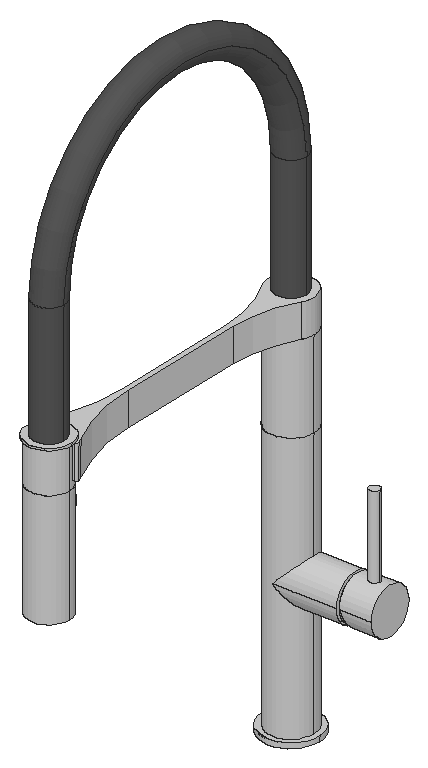
Revit family "VOGUE PULL-DOWN SINK MIXER", category Specialty Equipment, host Face, Revit 2019
Family settings
  Host = Face
  Round Connector Dimension = Use Radius
  Part Type = Normal
  OmniClass Number = 23.45.55.14
  OmniClass Title = Single Faucets
  Cut with Voids When Loaded = No
  Shared = No
  Room Calculation Point = No
Parameters (values of type "VOGUE PULL-DOWN SINK MIXER CHROME PIN")
  URL = "https://www.caroma.com.au/"
  Pin_Handle = yes
  Model = "96381C5A"
  Material_Hose = GWA-Plastic-Black
  Material_Base = GWA_Metal-Chrome
  Manufacturer = "GWA Bathrooms & Kitchens"  # constant formula
  Keynote = ""
  Description = "VOGUE PULL-DOWN SINK MIXER CHROME"
  Default Elevation = 1000 mm
  CreatedBy_ANZRS = "GWA Bathrooms & Kitchens"  # constant formula
  Blade_Handle = no
  Assembly Code = "C1030220"
Types (11, lengths in mm): name | Pin_Handle | Model | Material_Base | Description | Blade_Handle
  (no name) | yes | "96381C5A" | GWA_Metal-Chrome | "VOGUE PULL-DOWN SINK MIXER CHROME" | no
  VOGUE PULL-DOWN SINK MIXER CHROME PIN | yes | "96381C5A" | GWA_Metal-Chrome | "VOGUE PULL-DOWN SINK MIXER CHROME" | no
  VOGUE PULL-DOWN SINK MIXER MATTE BLACK PIN | yes | "96381B5A" | GWA-Metal-Black | "VOGUE PULL-DOWN SINK MIXER MATTE BLACK" | no
  VOGUE PULL-DOWN SINK MIXER GUNMETAL PIN | yes | "96381GM5A" | GWA-Metal-Gunmetal Grey | "VOGUE PULL-DOWN SINK MIXER GUNMETAL" | no
  VOGUE PULL-DOWN SINK MIXER BRUSHED NICKEL PIN | yes | "96381BN5A" | GWA_Metal-Brushed-Nickel | "VOGUE PULL-DOWN SINK MIXER BRUSHED NICKEL" | no
  VOGUE PULL-DOWN SINK MIXER BRUSHED BRASS PIN | yes | "96381BB5A" | GWA_Metal-Brushed-Brass | "VOGUE PULL-DOWN SINK MIXER BRUSHED BRASS" | no
  VOGUE PULL-DOWN SINK MIXER BRUSHED BRASS BLADE | no | "96381BB5A" | GWA_Metal-Brushed-Brass | "VOGUE PULL-DOWN SINK MIXER BRUSHED BRASS" | yes
  VOGUE PULL-DOWN SINK MIXER BRUSHED NICKEL BLADE | no | "96381BN5A" | GWA_Metal-Brushed-Nickel | "VOGUE PULL-DOWN SINK MIXER BRUSHED NICKEL" | yes
  VOGUE PULL-DOWN SINK MIXER CHROME BLADE | no | "96381C5A" | GWA_Metal-Chrome | "VOGUE PULL-DOWN SINK MIXER CHROME" | yes
  VOGUE PULL-DOWN SINK MIXER GUNMETAL BLADE | no | "96381GM5A" | GWA-Metal-Gunmetal Grey | "VOGUE PULL-DOWN SINK MIXER GUNMETAL" | yes
  VOGUE PULL-DOWN SINK MIXER MATTE BLACK BLADE | no | "96381B5A" | GWA-Metal-Black | "VOGUE PULL-DOWN SINK MIXER MATTE BLACK" | yes
Reference planes
  plane 1 "Center (Front/Back)": y = 0
  plane 2: z = 0
  plane 3 "Center (Left/Right)": x = 0
  plane 4 "Button": through (0, -223.303, 286.402) normal (0, 0.9962, -0.0872)
Forms (mm)
  Extrusion 1, solid, material "GWA_Metal-Chrome" <- "Material_Base"
    sketch origin (0, 0, 0) x (1, 0, 0) y (0, 1, 0)
      loop
        circle (0, 0) r 22.5
    from 0 to 4
  Extrusion 2, solid, material "GWA_Metal-Chrome" <- "Material_Base"
    sketch origin (0, 0, 0) x (0, 1, 0) y (0, 0, 1)
      loop
        circle (0, 110) r 18
    from 0 to 50
  Revolve 3, solid, material "GWA_Metal-Chrome" <- "Material_Base"
    sketch origin (0, 0, 110) x (1, 0, 0) y (0, 1, 0)
      loop
        line (50, 0) -> (57.7, 0) -> (57.7, 13.5)
        arc (57.7, 13.5) -> (53.951, 15.26) -> (50, 16.5) r 30.7
        line (50, 16.5) -> (50, 0)
      axis (57.7, 0) -> (50, 0)
    angle from 0 to 360
  Extrusion 4, solid, material "GWA_Metal-Chrome" <- "Material_Base"
    sketch origin (0, 0, 0) x (0, 1, 0) y (0, 0, 1)
      loop
        circle (0, 110) r 18
    from 52 to 77
  Extrusion 5, void
    sketch origin (0, 0, 0) x (1, 0, 0) y (0, 0, 1)
      loop
        line (50, 110) -> (50, 87) -> (58.6, 87) -> (58.6, 92) -> (52, 110) -> (50, 110)
    from -25 to 25
  Extrusion 6, solid, material "GWA_Metal-Chrome" <- "Material_Base"
    sketch origin (0, 0, 0) x (1, 0, 0) y (0, 1, 0)
      loop
        circle (0, 0) r 18
    from 4 to 213.3
  Extrusion 7, solid, material "GWA_Metal-Chrome" <- "Material_Base"
    sketch origin (0, 0, 0) x (1, 0, 0) y (0, 1, 0)
      loop
        circle (0, 0) r 18
    from 213.3 to 307.5
  Extrusion 8, solid, material "GWA_Metal-Chrome" <- "Material_Base"
    sketch origin (0, 0, 0) x (1, 0, 0) y (0, 1, 0)
      loop
        arc (-15.757, -232.222) -> (0, -219) -> (15.757, -232.222) r 16
        line (15.757, -232.222) -> (17.836, -231.855)
        arc (17.836, -231.855) -> (19.047, -231.041) -> (19.256, -229.596) r 1.8
        arc (19.256, -229.596) -> (18.618, -227.693) -> (17.791, -225.864) r 20
        arc (17.791, -225.864) -> (6.004, -194.144) -> (2, -160.542) r 143
        line (2, -160.542) -> (2, -59.33)
        arc (2, -59.33) -> (5.449, -33.292) -> (15.559, -9.05) r 100
        arc (15.559, -9.05) -> (0, 18) -> (-15.559, -9.05) r 18
        arc (-15.559, -9.05) -> (-5.449, -33.292) -> (-2, -59.33) r 100
        line (-2, -59.33) -> (-2, -160.542)
        arc (-2, -160.542) -> (-6.004, -194.144) -> (-17.791, -225.864) r 143
        arc (-17.791, -225.864) -> (-18.618, -227.693) -> (-19.256, -229.596) r 20
        arc (-19.256, -229.596) -> (-19.047, -231.041) -> (-17.836, -231.855) r 1.8
        line (-17.836, -231.855) -> (-15.757, -232.222)
    from 281.5 to 307.5
  Extrusion 9, solid, material "GWA_Metal-Chrome" <- "Material_Base"
    sketch origin (0, 0, 0) x (1, 0, 0) y (0, 1, 0)
      loop
        circle (0, -235) r 17.5
    from 307.5 to 309
  Extrusion 10, solid, material "GWA_Metal-Chrome" <- "Material_Base"
    sketch origin (0, 0, 0) x (1, 0, 0) y (0, 1, 0)
      loop
        circle (0, -235) r 16
    from 185.5 to 275.5
  Extrusion 11, solid, material "GWA_Metal-Chrome" <- "Material_Base"
    sketch origin (103.773, -248.183, 151.688) x (0, 0.087156, 0.996195) y (1, 0, 0)
      loop
        line (67.73, -109.673) -> (108.93, -109.673)
        arc (108.93, -109.673) -> (114.83, -103.773) -> (108.93, -97.873) r 5.9
        line (108.93, -97.873) -> (67.73, -97.873)
        arc (67.73, -97.873) -> (61.83, -103.773) -> (67.73, -109.673) r 5.9
    from 13.045 to 22
  Extrusion 12, void
    sketch origin (20, 0, 0) x (1, 0, 0) y (0, 0, 1)
      loop
        arc (-26.4, 217.4) -> (-20, 211) -> (-13.6, 217.4) r 6.4
        line (-13.6, 217.4) -> (-13.6, 258.6)
        arc (-13.6, 258.6) -> (-20, 265) -> (-26.4, 258.6) r 6.4
        line (-26.4, 258.6) -> (-26.4, 217.4)
    from 209.649 to 235
  Extrusion 13, solid, material "GWA_Metal-Chrome" <- "Material_Base"
    sketch origin (0, -248.241, 1.36) x (0, 0.087156, 0.996195) y (1, 0, 0)
      loop
        arc (258.6, -3.9) -> (262.5, 0) -> (258.6, 3.9) r 3.9
        line (258.6, 3.9) -> (217.581, 3.9)
        arc (217.581, 3.9) -> (213.681, 0) -> (217.581, -3.9) r 3.9
        line (217.581, -3.9) -> (258.6, -3.9)
    from 9 to 11
  Sweep 14, solid, material "GWA_Metal-Chrome" <- "Material_Base"
    path origin (0, -246.473, 21.564) x (0, 0.087156, 0.996195) y (1, 0, 0)
      loop
        line (238.41, 5.9) -> (197.21, 5.9)
        arc (197.21, 5.9) -> (191.31, 0) -> (197.21, -5.9) r 5.9
        line (197.21, -5.9) -> (238.41, -5.9)
        arc (238.41, -5.9) -> (244.31, 0) -> (238.41, 5.9) r 5.9
    profile origin (5.9, -227.49, 238.544) x (-1, 0, 0) y (0, 0.996195, -0.087156)
      loop
        arc (2, 11) -> (0.586, 10.414) -> (0, 9) r 2
        line (0, 9) -> (2, 9) -> (2, 11)
  Sweep 15, solid, material "GWA-Plastic-Black" <- "Material_Hose"
    path origin (0, 0, 0) x (0, 1, 0) y (0, 0, 1)
      loop
        line (0, 307.5) -> (0, 403.5)
        arc (0, 403.5) -> (-117.5, 521) -> (-235, 403.5) r 117.5
        line (-235, 403.5) -> (-235, 309)
    profile origin (0, 0, 355.5) x (0, -1, 0) y (1, 0, 0)
      loop
        circle (0, 0) r 11.985
  Extrusion 16, void
    sketch origin (0, 0, 0) x (1, 0, 0) y (0, 1, 0)
      loop
        circle (0, -203) r 4.75
    from 270 to 282
  Extrusion 17, solid, material "GWA_Metal-Chrome" <- "Material_Base"
    sketch origin (0, 0, 0) x (1, 0, 0) y (0, 1, 0)
      loop
        circle (0, -235) r 16
    from 275.5 to 307.5
  Extrusion 18, solid, material "GWA_Metal-Chrome" <- "Material_Base", visible <- "Blade_Handle"
    sketch origin (0, 0, 0) x (1, 0, 0) y (0, 0, 1)
      loop
        line (77, 109.998) -> (77, 204)
        arc (77, 204) -> (76.414, 205.414) -> (75, 206) r 2
        line (75, 206) -> (55.001, 206)
        arc (55.001, 206) -> (53.587, 205.414) -> (53.001, 204) r 2
        line (53.001, 204) -> (53.001, 109.998) -> (77, 109.998)
    from -2 to 2
  Extrusion 19, void
    sketch origin (0, 0.048, 0) x (1, 0, 0) y (0, 1, 0)
      loop
        circle (65.5, -0.031) r 3.8
    from 90 to 93
  Revolve 20, solid, material "GWA_Metal-Chrome" <- "Material_Base"
    sketch origin (0, 0, 0) x (1, 0, 0) y (0, 0, 1)
      loop
        line (65.5, 93) -> (65.5, 91.3)
        arc (65.5, 91.3) -> (67.42, 91.413) -> (69.283, 91.892) r 10
        line (69.283, 91.892) -> (69.283, 93) -> (65.5, 93)
      axis (65.5, 91.3) -> (65.5, 93)
    angle from 0 to 360
  Extrusion 21, solid, material "GWA_Metal-Chrome" <- "Material_Base", visible <- "Pin_Handle"
    sketch origin (-12, 0, 0) x (1, 0, 0) y (0, 1, 0)
      loop
        circle (77, -0.031) r 4
    from 110 to 191
Cuts and joins
  Extrusion 5 cuts Extrusion 2
  joined: Extrusion 2, Extrusion 6
  Extrusion 5, Extrusion 19 cuts Extrusion 4
  Extrusion 12 cuts Extrusion 10
  Extrusion 16 cuts Extrusion 8
  joined: Extrusion 7, Extrusion 8
Lines and regions (mm)
  Masking region 1
    outline origin (0, 0, 0) x (1, 0, 0) y (0, 1, 0)
      loop
        arc (11.985, -19.042) -> (12.753, -18.537) -> (13.5, -18) r 22.5
        line (13.5, -18) -> (50, -18) -> (50, -16.5)
        arc (50, -16.5) -> (51.005, -16.249) -> (52.001, -15.961) r 28.7
        line (52.001, -15.961) -> (52.001, -18) -> (77, -18) -> (77, 17.937) -> (52.001, 17.937) -> (52.001, 15.961)
        arc (52.001, 15.961) -> (51.005, 16.249) -> (50, 16.5) r 28.7
        line (50, 16.5) -> (50, 18) -> (13.5, 18)
        arc (13.5, 18) -> (-18.537, 12.753) -> (-11.985, -19.042) r 22.5
        line (-11.985, -19.042) -> (-11.985, -213.04)
        arc (-11.985, -213.04) -> (-14.73, -219.523) -> (-17.791, -225.864) r 143
        arc (-17.791, -225.864) -> (-18.618, -227.693) -> (-19.256, -229.596) r 20
        arc (-19.256, -229.596) -> (-19.047, -231.041) -> (-17.836, -231.855) r 1.8
        line (-17.836, -231.855) -> (-15.412, -232.282)
        arc (-15.412, -232.282) -> (0, -250.65) -> (15.412, -232.282) r 15.65
        line (15.412, -232.282) -> (17.836, -231.855)
        arc (17.836, -231.855) -> (19.047, -231.041) -> (19.256, -229.596) r 1.8
        arc (19.256, -229.596) -> (18.618, -227.693) -> (17.791, -225.864) r 20
        arc (17.791, -225.864) -> (14.73, -219.523) -> (11.985, -213.04) r 143
        line (11.985, -213.04) -> (11.985, -19.042)
  Masking region 2
    outline origin (0, 0, 0) x (1, 0, 0) y (0, 1, 0)
      loop
        arc (-11.985, -235) -> (0, -246.985) -> (11.985, -235) r 11.985
        line (11.985, -235) -> (11.985, -222.248)
        arc (11.985, -222.248) -> (0, -252.5) -> (-11.985, -222.248) r 17.5
        line (-11.985, -222.248) -> (-11.985, -235)
  Masking region 3
    outline origin (0, 0, 0) x (1, 0, 0) y (0, 0, 1)
      loop
        line (11.985, 309) -> (11.985, 521)
        arc (11.985, 521) -> (0, 532.985) -> (-11.985, 521) r 11.985
        line (-11.985, 521) -> (-11.985, 309) -> (-17.5, 309) -> (-17.5, 307.5) -> (-19.323, 307.5) -> (-19.323, 281.5) -> (-18, 281.5) -> (-18, 4) -> (-22.5, 4) -> (-22.5, 0) -> (22.5, 0) -> (22.5, 4) -> (18, 4) -> (18, 86)
        arc (18, 86) -> (19.757, 90.243) -> (24, 92) r 6
        line (24, 92) -> (50, 92) -> (50, 93.5)
        arc (50, 93.5) -> (53.626, 94.594) -> (57.076, 96.156) r 28.7
        line (57.076, 96.156) -> (52.001, 109.998) -> (52.001, 125.961)
        arc (52.001, 125.961) -> (51.005, 126.249) -> (50, 126.5) r 28.7
        line (50, 126.5) -> (50, 128) -> (24, 128)
        arc (24, 128) -> (19.757, 129.757) -> (18, 134) r 6
        line (18, 134) -> (18, 281.5) -> (19.323, 281.5) -> (19.323, 307.5) -> (17.5, 307.5) -> (17.5, 309) -> (11.985, 309)
  Masking region 4, visible <- "Pin_Handle"
    outline origin (0, 0, 0) x (1, 0, 0) y (0, 0, 1)
      loop
        line (61.1, 128) -> (52.001, 128) -> (52.001, 109.998) -> (58.6, 92) -> (77, 92) -> (77, 128) -> (69, 128) -> (69, 191) -> (61.1, 191) -> (61.1, 128)
  Masking region 5
    outline origin (0, 0, 0) x (0, 1, 0) y (0, 0, 1)
      loop
        line (12, 307.5) -> (12, 403.5)
        arc (12, 403.5) -> (-117.5, 533) -> (-247, 403.5) r 129.5
        line (-247, 403.5) -> (-247, 309) -> (-252.5, 309) -> (-252.5, 307.5) -> (-251, 307.5) -> (-251, 185.5) -> (-219, 185.5) -> (-219, 212.237)
        arc (-219, 212.237) -> (-218.774, 212.687) -> (-218.667, 213.179) r 2
        line (-218.667, 213.179) -> (-214.396, 261.993)
        arc (-214.396, 261.993) -> (-214.856, 263.452) -> (-216.214, 264.159) r 2
        line (-216.214, 264.159) -> (-219, 264.403) -> (-219, 281.5) -> (-18, 281.5) -> (-18, 4) -> (-22.5, 4) -> (-22.5, 0) -> (22.5, 0) -> (22.5, 4) -> (18, 4) -> (18, 307.5) -> (12, 307.5)
      loop
        line (-12, 307.5) -> (-12, 403.5)
        arc (-12, 403.5) -> (-117.5, 509) -> (-223, 403.5) r 105.5
        line (-223, 403.5) -> (-223, 309) -> (-217.5, 309) -> (-217.5, 307.5) -> (-12, 307.5)
  Masking region 6, visible <- "Blade_Handle"
    outline origin (0, 0, 0) x (1, 0, 0) y (0, 0, 1)
      loop
        line (77, 128) -> (77, 204)
        arc (77, 204) -> (76.414, 205.414) -> (75, 206) r 2
        line (75, 206) -> (55.001, 206)
        arc (55.001, 206) -> (53.587, 205.414) -> (53.001, 204) r 2
        line (53.001, 204) -> (53.001, 128) -> (77, 128)
  symbolic lines
    curve 1: line (52.001, 17.937, 0) -> (77, 17.937, 0)
    curve 2: line (52.001, -18, 0) -> (52.001, 17.937, 0)
    curve 3: line (77, -18, 0) -> (52.001, -18, 0)
    curve 4: line (77, 17.937, 0) -> (77, -18, 0)
    curve 5: line (50, 18, 0) -> (0, 18, 0)
    curve 6: line (50, -18, 0) -> (50, 18, 0)
    curve 7: line (11.985, -18, 0) -> (50, -18, 0)
    curve 8: arc (11.985, -15.772, 0) -> (13.708, -12.377, 0) -> (15.559, -9.05, 0) r 100
    curve 9: arc (-15.559, -9.05, 0) -> (-13.708, -12.377, 0) -> (-11.985, -15.772, 0) r 100
    curve 10: arc (15.559, -9.05, 0) -> (0, 18, 0) -> (-15.559, -9.05, 0) r 18
    curve 11: arc (13.5, 18, 0) -> (-18.537, 12.753, 0) -> (-11.985, -19.042, 0) r 22.5
    curve 12: arc (11.985, -19.042, 0) -> (12.753, -18.537, 0) -> (13.5, -18, 0) r 22.5
    curve 13: line (11.985, 0, 0) -> (11.985, -235, 0)
    curve 14: line (-11.985, -235, 0) -> (-11.985, 0, 0)
    curve 15: arc (-11.985, 0, 0) -> (0, 11.985, 0) -> (11.985, 0, 0) r 11.985
    curve 16: arc (-11.985, -213.04, 0) -> (-14.73, -219.523, 0) -> (-17.791, -225.864, 0) r 143
    curve 17: arc (-17.791, -225.864, 0) -> (-18.618, -227.693, 0) -> (-19.256, -229.596, 0) r 20
    curve 18: arc (-19.256, -229.596, 0) -> (-19.047, -231.041, 0) -> (-17.836, -231.855, 0) r 1.8
    curve 19: arc (-11.985, -222.248, 0) -> (0, -252.5, 0) -> (11.985, -222.248, 0) r 17.5
    curve 20: arc (-11.985, -235, 0) -> (0, -246.985, 0) -> (11.985, -235, 0) r 11.985
    curve 21: arc (17.791, -225.864, 0) -> (14.73, -219.523, 0) -> (11.985, -213.04, 0) r 143
    curve 22: arc (19.256, -229.596, 0) -> (18.618, -227.693, 0) -> (17.791, -225.864, 0) r 20
    curve 23: arc (17.836, -231.855, 0) -> (19.047, -231.041, 0) -> (19.256, -229.596, 0) r 1.8
    curve 24: line (17.234, -231.961, 0) -> (17.836, -231.855, 0)
    curve 25: line (-17.836, -231.855, 0) -> (-17.234, -231.961, 0)
    curve 26: arc (50, 16.5, 0) -> (51.005, 16.249, 0) -> (52.001, 15.961, 0) r 28.7
    curve 27: arc (50, -16.5, 0) -> (51.005, -16.249, 0) -> (52.001, -15.961, 0) r 28.7
    curve 29: line (11.985, 0, 521) -> (11.985, 0, 309)
    curve 30: line (-11.985, 0, 521) -> (-11.985, 0, 309)
    curve 31: line (-22.5, 0, 4) -> (22.5, 0, 4)
    curve 32: line (-22.5, 0, 0) -> (-22.5, 0, 4)
    curve 33: line (22.5, 0, 0) -> (-22.5, 0, 0)
    curve 34: line (22.5, 0, 4) -> (22.5, 0, 0)
    curve 35: line (52.001, 0, 128) -> (61.1, 0, 128)
    curve 37: line (69, 0, 128) -> (77, 0, 128)
    curve 38: line (77, 0, 128) -> (77, 0, 92)
    curve 39: line (77, 0, 92) -> (58.6, 0, 92)
    curve 40: line (58.6, 0, 92) -> (52.001, 0, 109.998)
    curve 41: line (52.001, 0, 109.998) -> (52.001, 0, 128)
    curve 42: line (50, 0, 92) -> (24, 0, 92)
    curve 43: line (24, 0, 128) -> (50, 0, 128)
    curve 44: line (18, 0, 4) -> (18, 0, 86)
    curve 45: line (-18, 0, 4) -> (-18, 0, 281.5)
    curve 46: line (-19.323, 0, 281.5) -> (-16, 0, 281.5)
    curve 47: line (-17.5, 0, 309) -> (17.5, 0, 309)
    curve 48: line (-17.5, 0, 307.5) -> (-17.5, 0, 309)
    curve 49: line (17.5, 0, 309) -> (17.5, 0, 307.5)
    curve 50: line (19.323, 0, 307.5) -> (-19.323, 0, 307.5)
    curve 51: line (-19.323, 0, 307.5) -> (-19.323, 0, 281.5)
    curve 52: line (19.323, 0, 307.5) -> (19.323, 0, 281.5)
    curve 53: line (-16, 0, 307.5) -> (-16, 0, 185.5)
    curve 54: line (-16, 0, 185.5) -> (16, 0, 185.5)
    curve 55: line (16, 0, 185.5) -> (16, 0, 307.5)
    curve 56: arc (50, 0, 126.5) -> (51.005, 0, 126.249) -> (52.001, 0, 125.961) r 28.7
    curve 57: arc (50, 0, 93.5) -> (53.626, 0, 94.594) -> (57.076, 0, 96.156) r 28.7
    curve 58: line (50, 0, 128) -> (50, 0, 92)
    curve 62: line (18, 0, 134) -> (18, 0, 281.5)
    curve 63: line (16, 0, 281.5) -> (19.323, 0, 281.5)
    curve 64: arc (11.985, 0, 521) -> (0, 0, 532.985) -> (-11.985, 0, 521) r 11.985
    curve 65: arc (18, 0, 134) -> (19.757, 0, 129.757) -> (24, 0, 128) r 6
    curve 66: arc (24, 0, 92) -> (19.757, 0, 90.243) -> (18, 0, 86) r 6
    curve 67: line (16, 0, 275.5) -> (-16, 0, 275.5)
    curve 68: line (0, -22.5, 4) -> (0, 22.5, 4)
    curve 69: line (0, -22.5, 0) -> (0, -22.5, 4)
    curve 70: line (0, 22.5, 0) -> (0, -22.5, 0)
    curve 71: line (0, 22.5, 4) -> (0, 22.5, 0)
    curve 72: line (0, -18, 281.5) -> (0, -18, 4)
    curve 73: line (0, 18, 307.5) -> (0, 18, 4)
    curve 74: line (0, 18, 307.5) -> (0, -232.222, 307.5)
    curve 75: line (0, -232.222, 307.5) -> (0, -232.222, 281.5)
    curve 76: line (0, -232.222, 281.5) -> (0, -9.05, 281.5)
    curve 77: line (0, -251, 185.5) -> (0, -251, 307.5)
    curve 78: line (0, -217.5, 309) -> (0, -252.5, 309)
    curve 79: line (0, -252.5, 309) -> (0, -252.5, 307.5)
    curve 80: line (0, -252.5, 307.5) -> (0, -232.222, 307.5)
    curve 81: line (0, -217.5, 309) -> (0, -217.5, 307.5)
    curve 82: line (0, -219, 185.5) -> (0, -219, 281.5)
    curve 83: line (0, -216.214, 264.159) -> (0, -219, 264.403)
    curve 84: line (0, -214.396, 261.993) -> (0, -218.667, 213.179)
    curve 88: circle (0, 0, 110) r 18 normal (1, 0, 0)
    curve 89: line (0, -251, 185.5) -> (0, -219, 185.5)
    curve 90: line (0, -251, 275.5) -> (0, -219, 275.5)
    curve 91: arc (0, -216.214, 264.159) -> (0, -214.856, 263.452) -> (0, -214.396, 261.993) r 2
    curve 92: arc (0, -218.667, 213.179) -> (0, -218.774, 212.687) -> (0, -219, 212.237) r 2
    curve 93: line (0, -247, 309) -> (0, -247, 403.5)
    curve 94: line (0, -223, 309) -> (0, -223, 403.5)
    curve 95: arc (0, -12, 403.5) -> (0, -117.5, 509) -> (0, -223, 403.5) r 105.5
    curve 96: arc (0, 12, 403.5) -> (0, -117.5, 533) -> (0, -247, 403.5) r 129.5
    curve 97: line (0, 12, 403.5) -> (0, 12, 307.5)
    curve 98: line (0, -12, 403.5) -> (0, -12, 307.5)
    curve 99: line (0, -18, 213.3) -> (0, 18, 213.3)
    curve 111: line (0, -3.783, 92.402) -> (0, -3.783, 91.892)
    curve 112: arc (0, -3.783, 91.892) -> (0, 0, 91.149) -> (0, 3.783, 91.892) r 10
    curve 113: line (0, 3.783, 91.892) -> (0, 3.783, 92.402)
  symbolic lines, visible <- "Pin_Handle"
    curve 28: circle (65.05, 0, 0) r 3.95 normal (0, 0, 1)
    curve 36: arc (61.1, 0, 128) -> (65.05, 0, 127.359) -> (69, 0, 128) r 12.5
    curve 59: line (61.1, 0, 128) -> (61.1, 0, 191)
    curve 60: line (61.1, 0, 191) -> (69, 0, 191)
    curve 61: line (69, 0, 191) -> (69, 0, 128)
    curve 85: line (0, -3.95, 191) -> (0, 3.95, 191)
    curve 86: line (0, 3.95, 191) -> (0, 3.95, 127.561)
    curve 87: line (0, -3.95, 191) -> (0, -3.95, 127.561)
  symbolic lines, visible <- "Blade_Handle"
    curve 100: line (53, 2, 0) -> (77, 2, 0)
    curve 101: line (53, -2, 0) -> (53, 2, 0)
    curve 102: line (77, -2, 0) -> (53, -2, 0)
    curve 103: line (0, -2, 206) -> (0, 2, 206)
    curve 104: line (0, 2, 206) -> (0, 2, 127.889)
    curve 105: line (0, -2, 206) -> (0, -2, 127.889)
    curve 106: line (77, 0, 128) -> (77, 0, 204)
    curve 107: arc (77, 0, 204) -> (76.414, 0, 205.414) -> (75, 0, 206) r 2
    curve 108: line (75, 0, 206) -> (55.001, 0, 206)
    curve 109: arc (55.001, 0, 206) -> (53.587, 0, 205.414) -> (53.001, 0, 204) r 2
    curve 110: line (53.001, 0, 204) -> (53.001, 0, 128)
Dimensions and locks
  aligned and locked: plane 2 to host face
  aligned and locked: level to host face
Connectors
  piping at (10, 0, 0), diameter 20
    settings: index 1, connector inside diameter 609.6 mm, connector length 0 mm, flow factor 0, pipe flow 0.0 L/s, pressure drop 0.0 Pa, fitting loss kfactor 0, connector angle 0.00°, fixture units 0, engagement length 0 mm, angle of deflection 0.00°, flow configuration 3, flow direction 1, fitting loss method 0, system type 20, joint type 0, gender type 0, connector reference index -1, connector utility 0, adjustable connector no, is connector primary yes, connector description ""
  piping at (-10, 0, 0), diameter 20
    settings: index 2, connector inside diameter 609.6 mm, connector length 0 mm, flow factor 0, pipe flow 0.0 L/s, pressure drop 0.0 Pa, fitting loss kfactor 0, connector angle 0.00°, fixture units 0, engagement length 0 mm, angle of deflection 0.00°, flow configuration 3, flow direction 1, fitting loss method 0, system type 19, joint type 0, gender type 0, connector reference index -1, connector utility 0, adjustable connector no, is connector primary no, connector description ""
